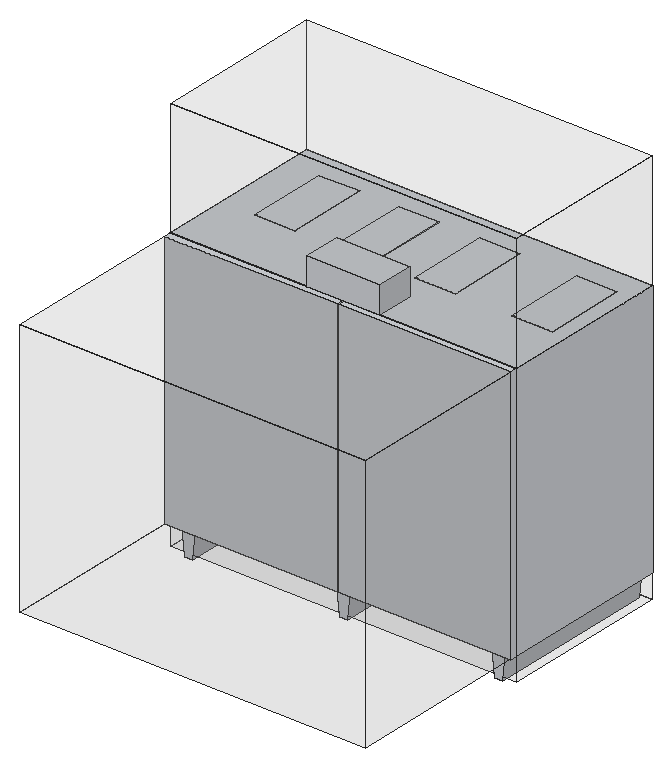
Revit family "AHU 1 _1", category Mechanické zařízení, Revit 2018
Family settings
  Kóta kulaté spojky = Použít průměr
  Typ dílu = Normální
  Číslo OmniClass = 23.75.00.00
  Nadpis OmniClass = Climate Control (HVAC)
  Založené na pracovní rovině = Ne
  Vždy vertikální = Ano
  Ořezat dutým tvarem při načtení = Ne
  Sdílené = Ne
  Bod výpočtu místnosti = Ne
Parameters (values of type "DUPLEXVENT Flexi-V DV2800-V (RD5)")
  Width [instance] = 1.1 mm
  Weight [instance] = 518.00 kg
  URL = ""
  Type [instance] = "DUPLEXVENT Flexi-V DV2800-V (RD5)"
  Total_SFP [instance] = 0
  Supply_outlet_hum [instance] = 90
  Supply_inlet_hum [instance] = 90
  Supply_ext_pressure [instance] = 0.0 Pa
  Supply_SFP [instance] = 0
  Source_adu_file [instance] = ""
  Recuperation_type [instance] = "Plate heat recovery exchanger"
  Recuperation_efficiency_EN308 [instance] = 0
  Project_name [instance] = ""
  Project_date [instance] = "9.3.2022"
  Power_supply_fusing [instance] = "0"
  Power_supply_cable [instance] = "0"
  Position [instance] = "AHU 1 "
  Phases_count [instance] = 1
  Panel_thickness [instance] = 0.06 mm
  Outer_surface [instance] = "RAL 9002"
  Length [instance] = 2.15 mm
  Insulation_type [instance] = "PUR"
  Insulation_thickness [instance] = 0.05 mm
  Installation_environment [instance] = ""
  Input_power_max [instance] = 1660 W
  Inner_surface [instance] = "Pozink"
  I2 [instance] = I1  # 0.0 L/s
  Height [instance] = 1.6 mm
  Exhaust_outlet_hum [instance] = 0
  Exhaust_inlet_hum [instance] = 40
  Exhaust_ext_pressure [instance] = 0.0 Pa
  Exhaust_SFP [instance] = 0
  E1 [instance] = E2 - M1  # 0.0 L/s
  E2 [instance] = 0.0 L/s
  I1 [instance] = 0.0 L/s
  Description = ""
  M1 [instance] = 0.0 L/s
  Device_dutypoint_version [instance] = "4"
  Device_design_version [instance] = "24"
  Device_adu_id [instance] = "1"
  Current_max [instance] = 8 A
  Casing_mat [instance] = "painted zinc layer"
  Cable type [instance] = "CYKY 3Jx2,5"
Reference planes
  plane 1 "Střed (vpředu/vzadu)": y = 0
  plane 2 "ref": z = 0
  plane 3 "Střed (vlevo/vpravo)": x = 0
Forms (mm)
  Sweep 1, solid
    path origin (0, 0, 0) x (0, 0, 1) y (1, 0, 0)
      loop
        line (0, 0) -> (1600, 0)
    profile origin (0, 0, 0) x (1, 0, 0) y (0, 1, 0)
      loop
        line (0, 0) -> (2150, 0) -> (2150, 1055) -> (0, 1055) -> (0, 0)
  Sweep 2, solid
    path origin (824, 645, 1599) x (0, 0, 1) y (1, 0, 0)
      loop
        line (0, 0) -> (1, 0)
    profile origin (824, 645, 1599) x (1, 0, 0) y (0, 1, 0)
      loop
        line (-125, -250) -> (125, -250) -> (125, 250) -> (-125, 250) -> (-125, -250)
  Sweep 3, solid
    path origin (1931, 645, 1599) x (0, 0, 1) y (1, 0, 0)
      loop
        line (0, 0) -> (1, 0)
    profile origin (1931, 645, 1599) x (1, 0, 0) y (0, 1, 0)
      loop
        line (-125, -250) -> (125, -250) -> (125, 250) -> (-125, 250) -> (-125, -250)
  Sweep 4, solid
    path origin (1328, 645, 1599) x (0, 0, 1) y (1, 0, 0)
      loop
        line (0, 0) -> (1, 0)
    profile origin (1328, 645, 1599) x (1, 0, 0) y (0, 1, 0)
      loop
        line (-125, -250) -> (125, -250) -> (125, 250) -> (-125, 250) -> (-125, -250)
  Sweep 5, solid
    path origin (332, 645, 1599) x (0, 0, 1) y (1, 0, 0)
      loop
        line (0, 0) -> (1, 0)
    profile origin (332, 645, 1599) x (1, 0, 0) y (0, 1, 0)
      loop
        line (-125, -250) -> (125, -250) -> (125, 250) -> (-125, 250) -> (-125, -250)
  Sweep 6, solid
    path origin (263, 52, 0) x (0, -1, 0) y (0, 0, 1)
      loop
        line (0, 0) -> (0, -30)
    profile origin (263, 52, 0) x (-1, 0, 0) y (0, -1, 0)
      loop
        circle (0, 0) r 16
  Sweep 7, solid
    path origin (1887, 52, 0) x (0, -1, 0) y (0, 0, 1)
      loop
        line (0, 0) -> (0, -30)
    profile origin (1887, 52, 0) x (-1, 0, 0) y (0, -1, 0)
      loop
        circle (0, 0) r 16
  Sweep 8, solid, material "Servisní prostor"
    path origin (0, 0, 0) x (0, 0, 1) y (1, 0, 0)
      loop
        line (0, 0) -> (1600, 0)
    profile origin (0, 0, 0) x (1, 0, 0) y (0, 1, 0)
      loop
        line (0, -1170) -> (2150, -1170) -> (2150, 0) -> (0, 0) -> (0, -1170)
  Sweep 9, solid, material "Servisní prostor"
    path origin (0, 0, 1600) x (0, 0, 1) y (1, 0, 0)
      loop
        line (0, 0) -> (720, 0)
    profile origin (0, 0, 1600) x (1, 0, 0) y (0, 1, 0)
      loop
        line (0, 0) -> (2150, 0) -> (2150, 1055) -> (0, 1055) -> (0, 0)
  Sweep 10, solid, material "Servisní prostor"
    path origin (0, 0, -150) x (0, 0, 1) y (1, 0, 0)
      loop
        line (0, 0) -> (150, 0)
    profile origin (0, 0, -150) x (1, 0, 0) y (0, 1, 0)
      loop
        line (0, 1055) -> (0, 0) -> (2150, 0) -> (2150, 1055) -> (0, 1055)
  Sweep 11, solid
    path origin (0, 0, 0) x (0, 0, 1) y (1, 0, 0)
      loop
        line (0, 0) -> (1600, 0)
    profile origin (0, 0, 0) x (1, 0, 0) y (0, 1, 0)
      loop
        line (0, -45) -> (1075, -45) -> (1075, -5) -> (0, -5) -> (0, -45)
  Sweep 12, solid
    path origin (0, 0, 0) x (0, 0, 1) y (1, 0, 0)
      loop
        line (0, 0) -> (1600, 0)
    profile origin (0, 0, 0) x (1, 0, 0) y (0, 1, 0)
      loop
        line (1075, -45) -> (2150, -45) -> (2150, -5) -> (1075, -5) -> (1075, -45)
  Sweep 13, solid
    path origin (112, 1055, 0) x (1, 0, 0) y (0, 1, 0)
      loop
        line (0, 0) -> (0, -1055)
    profile origin (112, 1055, 0) x (1, 0, 0) y (0, 0, 1)
      loop
        line (-45, 0) -> (-25, -170) -> (25, -170) -> (45, 0) -> (-45, 0)
  Sweep 14, solid
    path origin (2038, 1055, 0) x (1, 0, 0) y (0, 1, 0)
      loop
        line (0, 0) -> (0, -1055)
    profile origin (2038, 1055, 0) x (1, 0, 0) y (0, 0, 1)
      loop
        line (-45, 0) -> (-25, -170) -> (25, -170) -> (45, 0) -> (-45, 0)
  Sweep 15, solid
    path origin (1075, 1055, 0) x (1, 0, 0) y (0, 1, 0)
      loop
        line (0, 0) -> (0, -1055)
    profile origin (1075, 1055, 0) x (1, 0, 0) y (0, 0, 1)
      loop
        line (-45, 0) -> (-25, -170) -> (25, -170) -> (45, 0) -> (-45, 0)
  Sweep 16, solid
    path origin (0, 0, 1600) x (0, 0, 1) y (1, 0, 0)
      loop
        line (0, 0) -> (168, 0)
    profile origin (0, 0, 1600) x (1, 0, 0) y (0, 1, 0)
      loop
        line (848, 0) -> (1302, 0) -> (1302, 233) -> (848, 233) -> (848, 0)
  Sweep 17, solid
    path origin (848, 117, 1684) x (0, 0, -1) y (1, 0, 0)
      loop
        line (0, 0) -> (0, -1)
    profile origin (848, 117, 1684) x (0, 0, -1) y (0, -1, 0)
      loop
        circle (0, 0) r 10
Lines and regions (mm)
  model lines, style "Symbol"
    curve 1: line (1075, -45, 1600) -> (1075, -45, 960)
    curve 2: line (537, -45, 1600) -> (537, -45, 480)
    curve 3: line (537, -45, 480) -> (595, -45, 480)
    curve 4: line (1613, -45, 1600) -> (1613, -45, 480)
    curve 5: line (1613, -45, 480) -> (1555, -45, 480)
    curve 6: line (595, -45, 480) -> (835, -45, 960)
    curve 7: line (835, -45, 960) -> (1315, -45, 960)
    curve 8: line (1315, -45, 960) -> (1555, -45, 480)
    curve 9: line (1555, -45, 480) -> (1315, -45, 0)
    curve 10: line (1315, -45, 0) -> (1075, -45, 0)
    curve 11: line (1075, -45, 0) -> (835, -45, 0)
    curve 12: line (835, -45, 0) -> (595, -45, 480)
    curve 13: line (1739, -45, 1140) -> (1793, -45, 1460)
    curve 14: line (2024, -45, 1140) -> (1969, -45, 1460)
    curve 15: line (126, -45, 1140) -> (181, -45, 1460)
    curve 16: line (411, -45, 1140) -> (357, -45, 1460)
    curve 17: line (591, -45, 1280) -> (1021, -45, 1280)
    curve 18: line (1021, -45, 1280) -> (1021, -45, 1120)
    curve 19: line (1021, -45, 1120) -> (591, -45, 1120)
    curve 20: line (591, -45, 1120) -> (591, -45, 1280)
    curve 21: line (591, -45, 1200) -> (806, -45, 1120)
    curve 22: line (1021, -45, 1200) -> (806, -45, 1120)
    curve 23: line (1129, -45, 1280) -> (1559, -45, 1280)
    curve 24: line (1559, -45, 1280) -> (1559, -45, 1120)
    curve 25: line (1559, -45, 1120) -> (1129, -45, 1120)
    curve 26: line (1129, -45, 1120) -> (1129, -45, 1280)
    curve 27: line (1129, -45, 1200) -> (1344, -45, 1120)
    curve 28: line (1559, -45, 1200) -> (1344, -45, 1120)
    curve 29: line (486, -45, 547) -> (704, -45, 974)
    curve 30: line (704, -45, 974) -> (800, -45, 925)
    curve 31: line (800, -45, 925) -> (582, -45, 498)
    curve 32: line (582, -45, 498) -> (486, -45, 547)
    curve 33: line (629, -45, 803) -> (744, -45, 840)
    curve 34: line (542, -45, 632) -> (657, -45, 669)
    curve 35: line (0, -45, 0) -> (1075, -45, 0)
    curve 36: line (0, -45, 1600) -> (1075, -45, 1600)
    curve 37: line (0, -45, 0) -> (0, -45, 1600)
    curve 38: line (1075, -45, 0) -> (1075, -45, 1600)
    curve 39: line (0, -45, 0) -> (0, -5, 0)
    curve 40: line (1075, -45, 0) -> (1075, -5, 0)
    curve 41: line (0, -45, 1600) -> (0, -5, 1600)
    curve 42: line (1075, -45, 1600) -> (1075, -5, 1600)
    curve 43: line (1075, -45, 0) -> (2150, -45, 0)
    curve 44: line (1075, -45, 1600) -> (2150, -45, 1600)
    curve 45: line (1075, -45, 0) -> (1075, -45, 1600)
    curve 46: line (2150, -45, 0) -> (2150, -45, 1600)
    curve 47: line (1075, -45, 0) -> (1075, -5, 0)
    curve 48: line (2150, -45, 0) -> (2150, -5, 0)
    curve 49: line (1075, -45, 1600) -> (1075, -5, 1600)
    curve 50: line (2150, -45, 1600) -> (2150, -5, 1600)
    curve 51: circle (1881, -45, 1280) r 200 normal (0, -1, 0)
    curve 52: circle (269, -45, 1280) r 200 normal (0, -1, 0)
    curve 53: circle (687, -45, 822) r 16 normal (0, -1, 0)
    curve 54: circle (599, -45, 650) r 16 normal (0, -1, 0)
Dimensions and locks
  aligned and locked: level to plane 2 "ref"
Connectors
  hvac at (824, 645, 1600), driven by "E1"
    settings: on Sweep 2, index 1, duct flow 0.0 L/s, flow factor 0, pres drop 0.0 Pa, loss coef 0, conn angle 0.00°, conn width 500 mm, conn height 250 mm, conn diameter 609.6 mm, duct sys type 1, conn prof type 1, flow config 1, flow direction 1, loss method 0, conn ref index -1, conn util no, is conn primary yes, conn desc ""
  hvac at (1931, 645, 1600), driven by "E2"
    settings: on Sweep 3, index 2, duct flow 0.0 L/s, flow factor 1, pres drop 0.0 Pa, loss coef 0, conn angle 0.00°, conn width 500 mm, conn height 250 mm, conn diameter 609.6 mm, duct sys type 1, conn prof type 1, flow config 2, flow direction 2, loss method 0, conn ref index -1, conn util no, is conn primary no, conn desc ""
  hvac at (1328, 645, 1600), driven by "I1"
    settings: on Sweep 4, index 3, duct flow 0.0 L/s, flow factor 1, pres drop 0.0 Pa, loss coef 0, conn angle 0.00°, conn width 500 mm, conn height 250 mm, conn diameter 609.6 mm, duct sys type 3, conn prof type 1, flow config 2, flow direction 1, loss method 0, conn ref index -1, conn util no, is conn primary no, conn desc ""
  hvac at (332, 645, 1600), driven by "I2"
    settings: on Sweep 5, index 4, duct flow 0.0 L/s, flow factor 0, pres drop 0.0 Pa, loss coef 0, conn angle 0.00°, conn width 500 mm, conn height 250 mm, conn diameter 609.6 mm, duct sys type 3, conn prof type 1, flow config 1, flow direction 2, loss method 0, conn ref index -1, conn util no, is conn primary no, conn desc ""
  piping at (263, 52, -30), diameter 22
    settings: on Sweep 6, index 5, connector inside diameter 609.6 mm, connector length 0 mm, flow factor 0, pipe flow 0.0 L/s, pressure drop 0.0 Pa, fitting loss kfactor 0, connector angle 0.00°, fixture units 0, engagement length 0 mm, angle of deflection 0.00°, flow configuration 1, flow direction 2, fitting loss method 0, system type 16, joint type 0, gender type 0, connector reference index -1, connector utility 0, adjustable connector no, is connector primary yes, connector description ""
  piping at (1887, 52, -30), diameter 22
    settings: on Sweep 7, index 6, connector inside diameter 609.6 mm, connector length 0 mm, flow factor 0, pipe flow 0.0 L/s, pressure drop 0.0 Pa, fitting loss kfactor 0, connector angle 0.00°, fixture units 0, engagement length 0 mm, angle of deflection 0.00°, flow configuration 1, flow direction 2, fitting loss method 0, system type 16, joint type 0, gender type 0, connector reference index -1, connector utility 0, adjustable connector no, is connector primary no, connector description ""
  electrical at (847, 117, 1684)
    settings: on Sweep 17, index 7, voltage 230 V, apparent load 0 VA, apparent load phase1 0 VA, apparent load phase2 0 VA, apparent load phase3 0 VA, power factor 1, load classification "Další", number of poles 1, system type 31, power factor state 1, is connector primary yes, connector utility no, sub classification motor no, connector description ""
